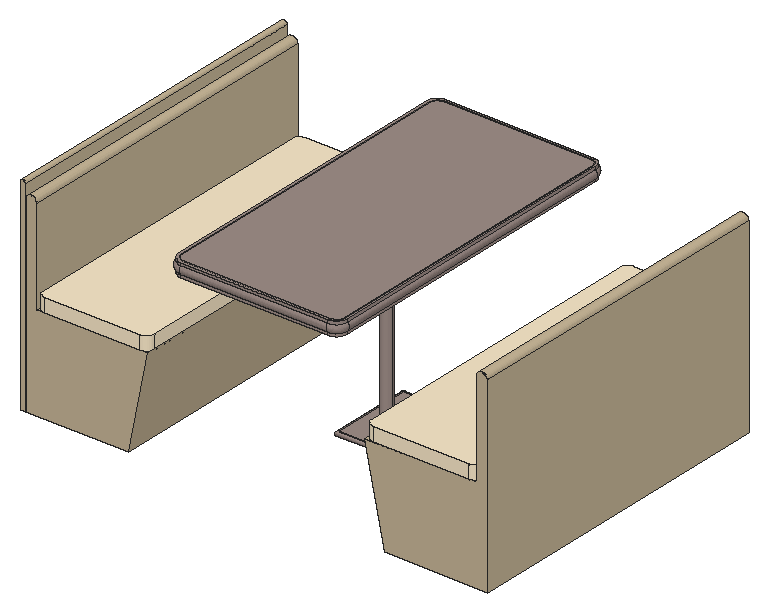
Revit family
Parameters
  Width = 600 mm
  Material of Table = Table Material
  Length = 1200 mm
  Height-table = 700 mm
  Height-chair = 350 mm
  Material of Cushion = Cushion Material
  Material of Chair = Chair Material
Reference planes
  plane 1 "Center (Front/Back)": y = 0
  plane 2: z = 0
  plane 3 "Center (Left/Right)": x = 0
  plane 4: x = -300
  plane 5: x = 300
  plane 6: y = 600
  plane 7: y = -600
  plane 8: z = 700
  plane 9: z = 350
  plane 10: x = -400
  plane 11: x = 400
  plane 12: x = -870
Forms (mm)
  Extrusion 1, solid, material "Table Material" <- "Material of Table"
    sketch origin (0, 0, 0) x (1, 0, 0) y (0, 1, 0)
      loop
        line (60, -150) -> (60, 150) -> (-60, 150) -> (-60, -150) -> (60, -150)
    from 0 to 15
  Extrusion 2, solid, material "Table Material" <- "Material of Table"
    sketch origin (0, 0, 700) x (-1, 0, 0) y (0, 1, 0)
      loop
        line (270, 600) -> (-270, 600)
        arc (-270, 600) -> (-291.213, 591.213) -> (-300, 570) r 30
        line (-300, 570) -> (-300, -570)
        arc (-300, -570) -> (-291.213, -591.213) -> (-270, -600) r 30
        line (-270, -600) -> (270, -600)
        arc (270, -600) -> (291.213, -591.213) -> (300, -570) r 30
        line (300, -570) -> (300, 570)
        arc (300, 570) -> (291.213, 591.213) -> (270, 600) r 30
    from 0 to 20
  Extrusion 3, solid, material "Table Material" <- "Material of Table"
    sketch origin (0, 0, 700) x (-1, 0, 0) y (0, 1, 0)
      loop
        line (-10, 550) -> (-10, 10) -> (-250, 10) -> (-250, -10) -> (-10, -10) -> (-10, -550) -> (10, -550) -> (10, -10) -> (250, -10) -> (250, 10) -> (10, 10) -> (10, 550) -> (-10, 550)
    from 20 to 35
  Extrusion 4, solid, material "Table Material" <- "Material of Table"
    sketch origin (0, 0, 0) x (1, 0, 0) y (0, 1, 0)
      loop
        circle (0, 0) r 20
    from 15 to 665
  Sweep 5, solid, material "Table Material" <- "Material of Table"
    path origin (0, 0, 0) x (1, 0, 0) y (0, 1, 0)
      loop
        line (-60, 150) -> (-60, -150) -> (60, -150) -> (60, 150) -> (-60, 150)
    profile origin (0, 0, 0) x (0, 1, 0) y (0, 0, 1)
      loop
        line (150, 15) -> (150, 0)
        arc (150, 0) -> (157.5, 7.5) -> (150, 15) r 7.5
  Extrusion 6, solid, material "Chair Material" <- "Material of Chair"
    sketch origin (0, 0, 0) x (1, 0, 0) y (0, 1, 0)
      loop
        line (-870, 600) -> (-870, -600) -> (-850, -600) -> (-850, 600) -> (-870, 600)
    from 0 to 750
  Extrusion 7, solid, material "Chair Material" <- "Material of Chair"
    sketch origin (0, 0, 0) x (1, 0, 0) y (0, 0, 1)
      loop
        line (-850, 700) -> (-850, 0) -> (-470.531, 0) -> (-400, 350) -> (-810, 350) -> (-810, 700) -> (-850, 700)
      loop
        line (850, 700) -> (810, 700) -> (810, 350) -> (400, 350) -> (470.531, 0) -> (850, 0) -> (850, 700)
    from 600 to -600
  Sweep 8, solid, material "Chair Material" <- "Material of Chair"
    path origin (0, 0, 0) x (1, 0, 0) y (0, 1, 0)
      loop
        line (-860, 600) -> (-860, -600)
    profile origin (0, 0, 0) x (1, 0, 0) y (0, 0, 1)
      loop
        line (-870, 750) -> (-850, 750)
        arc (-850, 750) -> (-860, 760) -> (-870, 750) r 10
  Sweep 9, solid, material "Chair Material" <- "Material of Chair"
    path origin (0, 0, 0) x (1, 0, 0) y (0, 1, 0)
      loop
        line (-830, 600) -> (-830, -600)
    profile origin (0, 0, 0) x (1, 0, 0) y (0, 0, 1)
      loop
        line (-850, 700) -> (-810, 700)
        arc (-810, 700) -> (-830, 720) -> (-850, 700) r 20
  Sweep 10, solid, material "Chair Material" <- "Material of Chair"
    path origin (0, 0, 0) x (1, 0, 0) y (0, 1, 0)
      loop
        line (830, 600) -> (830, -600)
    profile origin (0, 0, 0) x (1, 0, 0) y (0, 0, 1)
      loop
        line (810, 700) -> (850, 700)
        arc (850, 700) -> (830, 720) -> (810, 700) r 20
  Extrusion 11, solid, material "Cushion Material" <- "Material of Cushion"
    sketch origin (0, 0, 350) x (-1, 0, 0) y (0, 1, 0)
      loop
        line (780, 600) -> (430, 600)
        arc (430, 600) -> (408.787, 591.213) -> (400, 570) r 30
        line (400, 570) -> (400, -570)
        arc (400, -570) -> (408.787, -591.213) -> (430, -600) r 30
        line (430, -600) -> (780, -600)
        arc (780, -600) -> (801.213, -591.213) -> (810, -570) r 30
        line (810, -570) -> (810, 570)
        arc (810, 570) -> (801.213, 591.213) -> (780, 600) r 30
      loop
        line (-430, 600) -> (-780, 600)
        arc (-780, 600) -> (-801.213, 591.213) -> (-810, 570) r 30
        line (-810, 570) -> (-810, -570)
        arc (-810, -570) -> (-801.213, -591.213) -> (-780, -600) r 30
        line (-780, -600) -> (-430, -600)
        arc (-430, -600) -> (-408.787, -591.213) -> (-400, -570) r 30
        line (-400, -570) -> (-400, 570)
        arc (-400, 570) -> (-408.787, 591.213) -> (-430, 600) r 30
    from 0 to -50
  Sweep 12, solid, material "Table Material" <- "Material of Table"
    path origin (0, 0, 700) x (-1, 0, 0) y (0, -1, 0)
      loop
        arc (300, 570) -> (291.213, 591.213) -> (270, 600) r 30
        line (270, 600) -> (-270, 600)
        arc (-270, 600) -> (-291.213, 591.213) -> (-300, 570) r 30
        line (-300, 570) -> (-300, -570)
        arc (-300, -570) -> (-291.213, -591.213) -> (-270, -600) r 30
        line (-270, -600) -> (270, -600)
        arc (270, -600) -> (291.213, -591.213) -> (300, -570) r 30
        line (300, -570) -> (300, 570)
    profile origin (0, 0, 0) x (-1, 0, 0) y (0, 0, 1)
      loop
        line (300, 700) -> (300, 650) -> (310, 650) -> (310, 660.487)
        arc (310, 660.487) -> (316.47, 675.249) -> (310, 690.011) r 20.076
        line (310, 690.011) -> (310, 700) -> (300, 700)
Cuts and joins
  joined: Extrusion 7, Sweep 9, Sweep 10
  joined: Extrusion 6, Sweep 8
  joined: Extrusion 3, Extrusion 4
Dimensions and locks
  "Height-table": plane 8 to level
  "Height-chair": plane 9 to level
  "Width": plane 4 to plane 5
  equal spacing: plane 4, plane 3 "Center (Left/Right)", plane 5
  equal spacing: plane 7, plane 1 "Center (Front/Back)", plane 6
  "Length": plane 7 to plane 6
  locked: Extrusion 6 to plane 8 at 50  (x2)
  locked: plane 10 to plane 4 at 100
  locked: plane 5 to plane 11 at 100
  locked: plane 11 to cut or joined group of Extrusion 7, Sweep 9, Sweep 10 at 450
  locked: plane 12 to plane 10 at 470
  aligned and locked: Extrusion 2 sketch curve to plane 6
  aligned and locked: Extrusion 2 sketch curve to plane 5
  aligned and locked: Extrusion 2 to Extrusion 3
  aligned and locked: Extrusion 2 to plane 8
  aligned and locked: Extrusion 4 to Extrusion 1
  aligned and locked: Extrusion 4 to Extrusion 3
  aligned and locked: Sweep 5 sketch curve to Extrusion 1  (x5)
  aligned and locked: Extrusion 1 to Sweep 5 sketch curve
  aligned and locked: Extrusion 6 sketch curve to plane 6
  aligned and locked: Extrusion 6 sketch curve to plane 12
  aligned and locked: Extrusion 6 sketch curve to plane 7
  aligned and locked: plane 8 to Extrusion 7 sketch curve
  aligned and locked: Extrusion 7 sketch curve to Extrusion 6
  aligned and locked: plane 10 to Extrusion 7 sketch curve
  aligned and locked: level to Extrusion 7 sketch curve
  aligned and locked: plane 9 to Extrusion 7 sketch curve
  aligned and locked: Extrusion 6 to Extrusion 7 sketch curve
  aligned and locked: Extrusion 7 to plane 6
  aligned and locked: Extrusion 7 sketch curve to level
  aligned and locked: Extrusion 6 to Sweep 8 sketch curve  (x3)
  aligned and locked: Sweep 8 sketch curve to Extrusion 6
  aligned and locked: Sweep 9 sketch curve to Extrusion 7  (x3)
  aligned and locked: cut or joined group of Extrusion 7, Sweep 9, Sweep 10 to Sweep 10 sketch curve  (x2)
  aligned and locked: Sweep 10 sketch curve to cut or joined group of Extrusion 7, Sweep 9, Sweep 10  (x3)
  aligned and locked: plane 7 to Extrusion 7
  aligned and locked: Extrusion 11 sketch curve to cut or joined group of Extrusion 7, Sweep 9, Sweep 10  (x3)
  aligned and locked: plane 9 to Extrusion 11
  aligned and locked: Sweep 12 sketch curve to Extrusion 2  (x5)
  aligned and locked: Extrusion 2 to Sweep 12 sketch curve
  aligned and locked: Sweep 12 sketch curve to Sweep 12 sketch curve
Automatic sketch dimensions
  Extrusion 1 sketch curve to plane 3 "Center (Left/Right)" = 60 mm
  plane 3 "Center (Left/Right)" to Extrusion 1 sketch curve = 60 mm
  plane 1 "Center (Front/Back)" to Extrusion 1 sketch curve = 150 mm
  Extrusion 1 sketch curve to plane 1 "Center (Front/Back)" = 150 mm
  Extrusion 3 sketch curve to plane 1 "Center (Front/Back)" = 10 mm  (x2)
  Extrusion 3 sketch curve to plane 5 = 50 mm
  plane 3 "Center (Left/Right)" to Extrusion 3 sketch curve = 10 mm  (x2)
  Extrusion 3 sketch curve to plane 3 "Center (Left/Right)" = 10 mm  (x2)
  plane 4 to Extrusion 3 sketch curve = 50 mm
  plane 6 to Extrusion 3 sketch curve = 50 mm
  Extrusion 3 sketch curve to plane 7 = 50 mm
  plane 1 "Center (Front/Back)" to Extrusion 3 sketch curve = 10 mm  (x2)
  Extrusion 4 sketch curve to plane 1 "Center (Front/Back)" = 0 mm
  Extrusion 4 sketch curve to plane 3 "Center (Left/Right)" = 0 mm
  Extrusion 2 sketch curve to plane 7 = 0 mm
  Extrusion 2 sketch curve to plane 4 = 0 mm
  Extrusion 2 sketch curve to plane 5 = 30 mm  (x2)
  plane 4 to Extrusion 2 sketch curve = 30 mm
  Extrusion 2 sketch curve to Extrusion 2 sketch curve = 30 mm
  Sweep 5 sketch curve to level = 0 mm
  plane 12 to Extrusion 6 sketch curve = 20 mm
  Extrusion 7 sketch curve to Extrusion 7 sketch curve = 40 mm
  Extrusion 7 sketch curve to plane 10 = 70.531 mm
  Extrusion 7 sketch curve to plane 9 = 0 mm
  Extrusion 7 sketch curve to plane 11 = 0 mm
  Extrusion 7 sketch curve to plane 8 = 0 mm
  plane 11 to Extrusion 7 sketch curve = 70.531 mm
  plane 12 to Sweep 8 sketch curve = 10 mm
  Sweep 8 sketch curve to profile plane = 0 mm
  plane 12 to Sweep 9 sketch curve = 40 mm
  Sweep 9 sketch curve to profile plane = 0 mm
  profile plane to Sweep 9 sketch curve = 20 mm
  plane 11 to Extrusion 7 sketch curve = 410 mm
  Extrusion 7 sketch curve to Extrusion 7 sketch curve = 379.469 mm
  plane 11 to Sweep 10 sketch curve = 430 mm
  Extrusion 11 sketch curve to plane 7 = 0 mm  (x2)
  Extrusion 11 sketch curve to plane 11 = 0 mm
  Extrusion 11 sketch curve to plane 10 = 0 mm
  Extrusion 11 sketch curve to Extrusion 11 sketch curve = 30 mm  (x4)
  Extrusion 11 sketch curve to plane 7 = 30 mm
  plane 11 to Extrusion 11 sketch curve = 30 mm  (x2)
  plane 12 to Extrusion 11 sketch curve = 90 mm  (x2)
  Sweep 12 sketch curve to plane 5 = 30 mm
  profile plane to Sweep 12 sketch curve = 3.607 mm
  Sweep 12 sketch curve to profile plane = 10 mm
  plane 8 to Sweep 12 sketch curve = 9.989 mm
  Sweep 12 sketch curve to Sweep 12 sketch curve = 14.762 mm
  Sweep 12 sketch curve to Sweep 12 sketch curve = 10.487 mm
  radius of Extrusion 4 sketch curve = 20 mm
